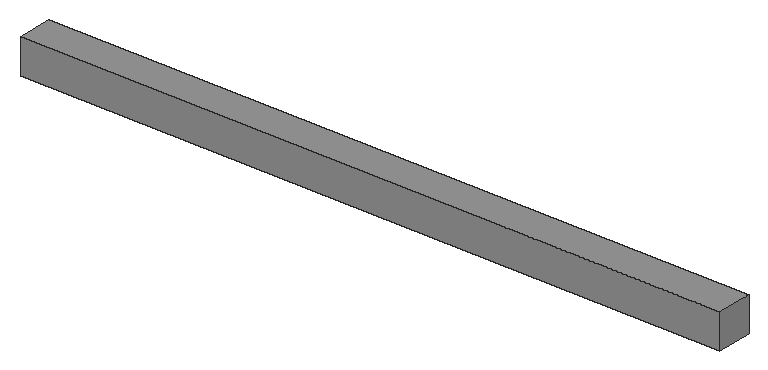
Revit family "PLL - SECONDA CONSEGNA - SOTTO-ASTA FIGLIO", category Generic Models, host Face, Revit 2017
Family settings
  Host = Face
  Can host rebar = No
  Round Connector Dimension = Use Diameter
  Part Type = Normal
  Cut with Voids When Loaded = No
  Shared = No
  Room Calculation Point = No
Parameters
  l = 1500 mm
  h = 100 mm
  b = 75 mm
  asta material = PLL - 2^ CONSEGNA - WOOD ASTA
  Default Elevation = 1219.2 mm
Reference planes
  plane 1 "Center (Front/Back)": y = 0
  plane 2: z = 0
  plane 3 "Center (Left/Right)": x = 0
  plane 4: y = 75
  plane 5: x = 1500
  plane 6: z = 100
Forms (mm)
  Extrusion 1, solid, material "PLL - 2^ CONSEGNA - WOOD ASTA" <- "asta material"
    sketch origin (0, 0, 0) x (1, 0, 0) y (0, 1, 0)
      loop
        line (0, 75) -> (0, 0) -> (1500, 0) -> (1500, 75) -> (0, 75)
    from 0 to 75 <- "b"
Dimensions and locks
  "l": plane 3 "Center (Left/Right)" to plane 5
  "b": plane 4 to plane 1 "Center (Front/Back)"
  "h": plane 6 to host face
  aligned and locked: plane 2 to host face
  aligned and locked: level to host face
  aligned and locked: Extrusion 1 sketch curve to plane 4
  aligned and locked: Extrusion 1 sketch curve to plane 5
  aligned and locked: Extrusion 1 sketch curve to plane 1 "Center (Front/Back)"
  aligned and locked: plane 3 "Center (Left/Right)" to Extrusion 1 sketch curve
Automatic sketch dimensions
  host sketch curve to host sketch curve = 2438.4 mm  (x2)
